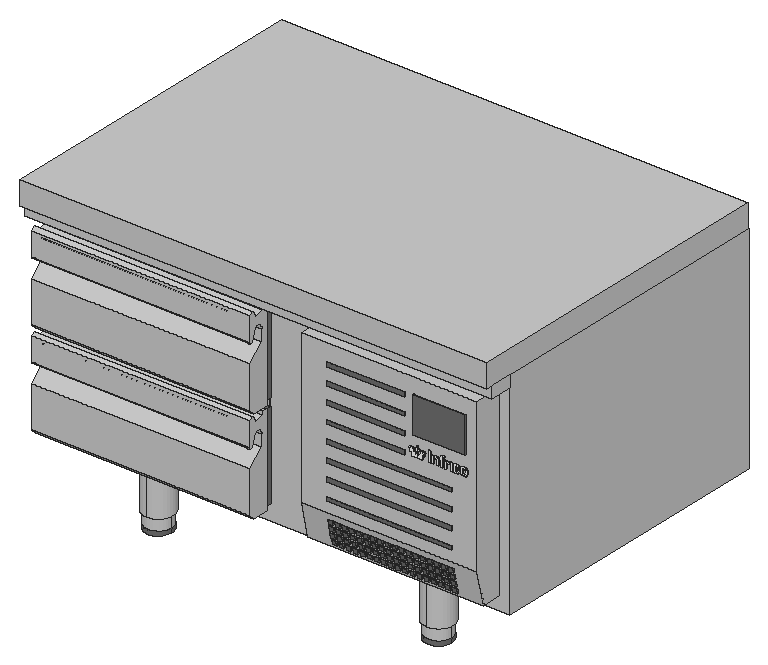
Revit family "QF_INFRICO_MSG1000_250814082708", category Specialty Equipment, Revit 2021
Family settings
  Round Connector Dimension = Use Diameter
  Part Type = Normal
  OmniClass Number = 23.40.40.14
  OmniClass Title = Food Service Equipment
  Work Plane-Based = No
  Always vertical = Yes
  Cut with Voids When Loaded = No
  Shared = No
  Room Calculation Point = No
Parameters (values of type "MSG1000-R290")
  Weight [instance] = 99.999 kg
  Waste Water Discharge Temperature [instance] = 0 °C
  Waste Remarks [instance] = ""
  Warranty Start Date [instance] = ""
  Warranty Duration [instance] = ""
  Volts [instance] = 230 V
  Volt Free Conn [instance] = no
  URL Recommended Spares List [instance] = ""
  URL Manufacturer [instance] = ""
  URL Cutsheet [instance] = ""
  URL Critical Spares List [instance] = ""
  URL = "www.infrico.com"
  Technical Documentation [instance] = ""
  Tag Number [instance] = ""
  Status [instance] = ""
  Start Up Current [instance] = 0 A
  Specification by User [instance] = ""
  Specification by Manufacturer [instance] = ""
  Sound Level [instance] = ""
  Show Logo [instance] = yes
  Show Clearances [instance] = yes
  Service Life Duration [instance] = ""
  Serial Number [instance] = ""
  Seismic Rating [instance] = ""
  SMACNA No [instance] = ""
  Revision Code [instance] = ""
  Revision [instance] = ""
  Production Year [instance] = ""
  Potential Equalisation [instance] = no
  Point Load [instance] = 0
  Plumbing Connection Type [instance] = ""
  Phase [instance] = 1
  Other Equipment Approvals [instance] = ""
  Operational Current [instance] = 0 A
  Number of Poles [instance] = 2
  No Load Power Draw [instance] = no
  NAFEM Spec ID Number [instance] = ""
  Model Warning [instance] = ""
  Model = "MSG1000"
  Min Ckt Ampacity [instance] = 0 A
  Max Overcurrent Protection [instance] = 0 A
  Masterspec [instance] = ""
  Manufacturer = "INFRICO"
  Main switch integrated [instance] = no
  Length Actual [instance] = 999.998 mm
  Item Number [instance] = ""
  Installed By [instance] = ""
  Installation Date [instance] = ""
  Indirect Waste Size [instance] = 19.05 mm
  Indirect Waste Remarks [instance] = ""
  Indirect Waste Flow [instance] = 0.0 L/s
  Indirect Waste Connection Type [instance] = ""
  Indirect Waste Connection Height [instance] = 0 mm
  Identify Quantity as Lot [instance] = no
  ID [instance] = ""
  Hygiene Approval [instance] = ""
  Height Actual [instance] = 599.948 mm
  HP power [instance] = ""
  Furnished By [instance] = ""
  Foodservice Equipment Identifier [instance] = no
  FL Amps [instance] = 0 A
  Electrical Remarks [instance] = ""
  Electric power [instance] = 190 W
  Electric Connection Type [instance] = ""
  Elec Conn RI Height [instance] = 0 mm
  Elec Conn Connection Height [instance] = 0 mm
  ETL Approved [instance] = no
  Direct Waste Water Discharge Temperature [instance] = -273.15 °C
  Direct Waste Size [instance] = 19.05 mm
  Direct Waste RI Height [instance] = 0 mm
  Direct Waste Flow [instance] = 0.0 L/s
  Direct Waste Connection Height [instance] = 0 mm
  Description = "GN1/1 COUNTER BASES REFRIGERATOR 700 SNACK SERIES - R290\r\n "
  Depth Actual [instance] = 700.024 mm
  Default Elevation = 0 mm
  Cycle [instance] = 50 Hz
  Cost = 0
  Connection to energy optimisation system [instance] = yes
  Conn Plug [instance] = ""
  Conn Conduit [instance] = no
  Centralized building control system with digital interface [instance] = ""
  CSI MasterFormat [instance] = ""
  CE Approved [instance] = no
  Barcode [instance] = 0
  Author [instance] = ""
  Asset Identifier [instance] = ""
  Apparent Power [instance] = 190 VA
  Accessory [instance] = no
Reference planes
  plane 1 "Center (Front/Back)": y = 0
  plane 2: z = 0
  plane 3 "Center (Left/Right)": x = 0
Forms (mm)
  Extrusion 1, solid, not visible
    sketch origin (300.015, -112.005, 142.007) x (1, 0, 0) y (0, 1, 0)
      loop
        line (-2, 2) -> (-2, -2) -> (2, -2) -> (2, 2) -> (-2, 2)
    from -2 to 2
  Extrusion 2, solid, not visible
    sketch origin (939.046, -60.003, 142.007) x (1, 0, 0) y (0, 1, 0)
      loop
        line (-2, 2) -> (-2, -2) -> (2, -2) -> (2, 2) -> (-2, 2)
    from -2 to 2
Dimensions and locks
  locked: nested 2 to Extrusion 1 at 2  (x2)
  locked: nested 3 to Extrusion 2 at 2  (x2)
  aligned and locked: level to plane 2
Nested families
  nested 1: "QF_INFRICO_MSG1000_2920" at (0, 0, 0), type "MSG1000-R290"
    with Weight 99.999 kg, Warranty Start Date "", Warranty Duration "", URL Cutsheet "", Technical Documentation "", Tag Number "", Status "", Specification by User "", Specification by Manufacturer "", Sound Level "", Solid Fuel Type "", Show Logo yes, Show Clearances yes, Show Clearance yes, Service Life Duration "", Serial Number "", Seismic Rating "", SMACNA No "", Revision Code "", Revision "", Production Year "", Point Load 0, Other Equipment Approvals "", NAFEM Spec ID Number "", Model Warning "", Masterspec "", Length Actual 999.998 mm, Item Number "", Installed By "", Installation Date "", Identify Quantity as Lot yes, ID "", Hygiene Approval "", Height Actual 599.948 mm, Furnished By "", Foodservice Equipment Identifier yes, ETL Approved yes, Depth Actual 700.024 mm, CSI MasterFormat "", CE Approved no, Barcode "", Author "", Asset Identifier "", Accessory no
  nested 2: "CONN_POINT_DRAIN_2D___Generic_Annotation" at (300.015, -112.005, 140.007), type "CONN_POINT_DRAIN_2D___Generic_Annotation"
    with Onboard connection annotation symbol visibility yes
  nested 3: "CONN_POINT_ELE_2D___Generic_Annotation" at (939.046, -60.003, 140.007), type "CONN_POINT_ELE_2D___Generic_Annotation"
    with Onboard connection annotation symbol visibility yes
  nested 4: "QF_INFRICO_JCAJ17MSG1-2_4818" at (25, -638, 168), type "JCAJ17SN12"
    with Weight 0.00 kg, Warranty Start Date "", Warranty Duration "", URL Cutsheet "", Technical Documentation "", Tag Number "", Status "", Specification by User "", Specification by Manufacturer "", Sound Level "", Solid Fuel Type "", Show Logo yes, Show Clearances yes, Show Clearance yes, Service Life Duration "", Serial Number "", Seismic Rating "", SMACNA No "", Revision Code "", Revision "", Production Year "", Point Load 0, Other Equipment Approvals "", NAFEM Spec ID Number "", Model Warning "", Masterspec "", Length Actual 467.106 mm, Item Number "", Installed By "", Installation Date "", Identify Quantity as Lot yes, ID "", Hygiene Approval "", Height Actual 398.018 mm, Furnished By "", Foodservice Equipment Identifier yes, ETL Approved yes, Depth Actual 59.944 mm, CSI MasterFormat "", CE Approved no, Barcode "", Author "", Asset Identifier "", Accessory yes
  nested 5: "QF_INFRICO_WORKTOP_5647" at (0, 0, 600), type "ENC12SPMS10"
    with Weight 0.00 kg, Warranty Start Date "", Warranty Duration "", URL Cutsheet "", Technical Documentation "", Tag Number "", Status "", Specification by User "", Specification by Manufacturer "", Sound Level "", Solid Fuel Type "", Show Logo yes, Show Clearances yes, Show Clearance yes, Service Life Duration "", Serial Number "", Seismic Rating "", SMACNA No "", Revision Code "", Revision "", Production Year "", Point Load 0, Other Equipment Approvals "", NAFEM Spec ID Number "", Model Warning "", Masterspec "", Length Actual 999.998 mm, Item Number "", Installed By "", Installation Date "", Identify Quantity as Lot yes, ID "", Hygiene Approval "", Height Actual 50.038 mm, Furnished By "", Foodservice Equipment Identifier yes, ETL Approved yes, Depth Actual 700.024 mm, CSI MasterFormat "", CE Approved no, Barcode "", Author "", Asset Identifier "", Accessory yes
Connectors
  piping at (300.015, -112.005, 140.007), diameter 19.05, driven by "Indirect Waste Size", driven by "Direct Waste Flow"
    settings: on Extrusion 1, index 1, connector inside diameter 609.6 mm, connector length 0 mm, flow factor 0, pipe flow 0.0 L/s, pressure drop 0.0 Pa, fitting loss kfactor 0, connector angle 0.00°, fixture units 0, engagement length 0 mm, angle of deflection 0.00°, flow configuration 1, flow direction 2, fitting loss method 0, system type 16, joint type 0, gender type 0, connector reference index -1, connector utility 0, adjustable connector no, is connector primary yes, connector description "Waste connection for MSG1000"
  electrical at (939.046, -60.003, 140.007), driven by "Apparent Power", driven by "Number of Poles", driven by "Volts"
    settings: on Extrusion 2, index 2, voltage 230 V, apparent load 0 VA, apparent load phase1 190 VA, apparent load phase2 0 VA, apparent load phase3 0 VA, power factor 1, load classification "Other", number of poles 2, system type 31, power factor state 1, is connector primary yes, connector utility no, sub classification motor no, connector description "Electrical connection for MSG1000"
Definition of nested family "QF_INFRICO_MSG1000_2920"
  Parameters (values of type "MSG1000")
    Weight [instance] = 0.00 kg
    Warranty Start Date [instance] = ""
    Warranty Duration [instance] = ""
    URL Cutsheet [instance] = ""
    URL = "www.infrico.com"
    Technical Documentation [instance] = ""
    Tag Number [instance] = ""
    Status [instance] = ""
    Specification by User [instance] = ""
    Specification by Manufacturer [instance] = ""
    Sound Level [instance] = ""
    Solid Fuel Type [instance] = ""
    Show Logo [instance] = yes
    Show Clearances [instance] = yes
    Show Clearance [instance] = yes
    Service Life Duration [instance] = ""
    Serial Number [instance] = ""
    Seismic Rating [instance] = ""
    SMACNA No [instance] = ""
    Revision Code [instance] = ""
    Revision [instance] = ""
    Production Year [instance] = ""
    Point Load [instance] = 0
    Other Equipment Approvals [instance] = ""
    NAFEM Spec ID Number [instance] = ""
    Model Warning [instance] = ""
    Model = "MSG1000"
    Masterspec [instance] = ""
    Manufacturer = "INFRICO"
    Length Actual [instance] = 0 mm
    Item Number [instance] = ""
    Installed By [instance] = ""
    Installation Date [instance] = ""
    Identify Quantity as Lot [instance] = yes
    ID [instance] = ""
    Hygiene Approval [instance] = ""
    Height Actual [instance] = 0 mm
    Furnished By [instance] = ""
    Foodservice Equipment Identifier [instance] = yes
    ETL Approved [instance] = yes
    Description = "GN1/1 COUNTER BASES REFRIGERATOR 700 SNACK SERIES - R134A"
    Depth Actual [instance] = 0 mm
    Default Elevation = 0 mm
    CSI MasterFormat [instance] = ""
    CE Approved [instance] = yes
    Barcode [instance] = ""
    Author [instance] = ""
    Asset Identifier [instance] = ""
    Assembly Code = "E1090320"
    Accessory [instance] = yes
  Types (2, lengths in mm): name | Description
    MSG1000 | "GN1/1 COUNTER BASES REFRIGERATOR 700 SNACK SERIES - R134A"
    MSG1000-R290 | "GN1/1 COUNTER BASES REFRIGERATOR 700 SNACK SERIES - R290"
  Reference planes
    plane 1 "Back": y = 0
    plane 2: z = 0
    plane 3 "Left": x = 0
    plane 4 "Right": x = 1000
    plane 5 "Front": y = -700
    plane 6 "Top": z = 600
  Forms (mm)
    Extrusion 1, void
      sketch origin (0, 0, 0) x (1, 0, 0) y (0, 0, 1)
        loop
          line (60, 200) -> (479.04, 200) -> (479.04, 540) -> (60, 540) -> (60, 200)
      from 60 to 638.02
    Extrusion 2, solid
      sketch origin (-200, 0, 140) x (1, 0, 0) y (0, 1, 0)
        loop
          circle (500, -112) r 9.525
      from -5 to 0
    Extrusion 3, solid
      sketch origin (0, 0, 140) x (1, 0, 0) y (0, 1, 0)
        loop
          line (0, 0) -> (0, -638.02) -> (1000, -638.02) -> (1000, 0) -> (0, 0)
        loop
          line (60, -578.02) -> (940, -578.02) -> (940, -60) -> (60, -60) -> (60, -578.02)
      from 0 to 460
    Extrusion 4, solid
      sketch origin (0, 0, 140) x (1, 0, 0) y (0, 0, 1)
        loop
          line (940, 60) -> (60, 60) -> (60, 0) -> (940, 0) -> (940, 60)
      from 60 to 578.02
    Extrusion 5, solid
      sketch origin (-458.953, 0, 0) x (0, 1, 0) y (0, 0, 1)
        loop
          line (-638.02, 564.738) -> (-695.03, 564.738) -> (-695.03, 238.436) -> (-678.399, 166.4) -> (-638.02, 166.4) -> (-638.02, 564.738)
      from 1057.993 to 1433.993
    Extrusion 6, solid
      sketch origin (-2489.854, -639.263, 0.251) x (1, 0, 0) y (0, -0.224951, 0.97437)
        loop
          line (3143.188, 215.974) -> (3143.188, 205.974) -> (3153.188, 205.974) -> (3153.188, 215.974) -> (3143.188, 215.974)
        loop
          line (3143.188, 230.769) -> (3143.188, 220.769) -> (3153.188, 220.769) -> (3153.188, 230.769) -> (3143.188, 230.769)
        loop
          line (3143.188, 186.385) -> (3143.188, 176.385) -> (3153.188, 176.385) -> (3153.188, 186.385) -> (3143.188, 186.385)
        loop
          line (3143.188, 201.179) -> (3143.188, 191.179) -> (3153.188, 191.179) -> (3153.188, 201.179) -> (3143.188, 201.179)
        loop
          line (3158.397, 215.974) -> (3158.397, 205.974) -> (3168.397, 205.974) -> (3168.397, 215.974) -> (3158.397, 215.974)
        loop
          line (3158.397, 230.769) -> (3158.397, 220.769) -> (3168.397, 220.769) -> (3168.397, 230.769) -> (3158.397, 230.769)
        loop
          line (3158.397, 186.385) -> (3158.397, 176.385) -> (3168.397, 176.385) -> (3168.397, 186.385) -> (3158.397, 186.385)
        loop
          line (3158.397, 201.179) -> (3158.397, 191.179) -> (3168.397, 191.179) -> (3168.397, 201.179) -> (3158.397, 201.179)
        loop
          line (3173.605, 215.974) -> (3173.605, 205.974) -> (3183.605, 205.974) -> (3183.605, 215.974) -> (3173.605, 215.974)
        loop
          line (3173.605, 230.769) -> (3173.605, 220.769) -> (3183.605, 220.769) -> (3183.605, 230.769) -> (3173.605, 230.769)
        loop
          line (3173.605, 186.385) -> (3173.605, 176.385) -> (3183.605, 176.385) -> (3183.605, 186.385) -> (3173.605, 186.385)
        loop
          line (3173.605, 201.179) -> (3173.605, 191.179) -> (3183.605, 191.179) -> (3183.605, 201.179) -> (3173.605, 201.179)
        loop
          line (3188.813, 215.974) -> (3188.813, 205.974) -> (3198.813, 205.974) -> (3198.813, 215.974) -> (3188.813, 215.974)
        loop
          line (3188.813, 230.769) -> (3188.813, 220.769) -> (3198.813, 220.769) -> (3198.813, 230.769) -> (3188.813, 230.769)
        loop
          line (3188.813, 186.385) -> (3188.813, 176.385) -> (3198.813, 176.385) -> (3198.813, 186.385) -> (3188.813, 186.385)
        loop
          line (3188.813, 201.179) -> (3188.813, 191.179) -> (3198.813, 191.179) -> (3198.813, 201.179) -> (3188.813, 201.179)
        loop
          line (3204.022, 215.974) -> (3204.022, 205.974) -> (3214.022, 205.974) -> (3214.022, 215.974) -> (3204.022, 215.974)
        loop
          line (3204.022, 230.769) -> (3204.022, 220.769) -> (3214.022, 220.769) -> (3214.022, 230.769) -> (3204.022, 230.769)
        loop
          line (3204.022, 186.385) -> (3204.022, 176.385) -> (3214.022, 176.385) -> (3214.022, 186.385) -> (3204.022, 186.385)
        loop
          line (3204.022, 201.179) -> (3204.022, 191.179) -> (3214.022, 191.179) -> (3214.022, 201.179) -> (3204.022, 201.179)
        loop
          line (3219.23, 215.974) -> (3219.23, 205.974) -> (3229.23, 205.974) -> (3229.23, 215.974) -> (3219.23, 215.974)
        loop
          line (3219.23, 230.769) -> (3219.23, 220.769) -> (3229.23, 220.769) -> (3229.23, 230.769) -> (3219.23, 230.769)
        loop
          line (3219.23, 186.385) -> (3219.23, 176.385) -> (3229.23, 176.385) -> (3229.23, 186.385) -> (3219.23, 186.385)
        loop
          line (3219.23, 201.179) -> (3219.23, 191.179) -> (3229.23, 191.179) -> (3229.23, 201.179) -> (3219.23, 201.179)
        loop
          line (3234.438, 215.974) -> (3234.438, 205.974) -> (3244.438, 205.974) -> (3244.438, 215.974) -> (3234.438, 215.974)
        loop
          line (3234.438, 230.769) -> (3234.438, 220.769) -> (3244.438, 220.769) -> (3244.438, 230.769) -> (3234.438, 230.769)
        loop
          line (3234.438, 186.385) -> (3234.438, 176.385) -> (3244.438, 176.385) -> (3244.438, 186.385) -> (3234.438, 186.385)
        loop
          line (3234.438, 201.179) -> (3234.438, 191.179) -> (3244.438, 191.179) -> (3244.438, 201.179) -> (3234.438, 201.179)
        loop
          line (3249.647, 215.974) -> (3249.647, 205.974) -> (3259.647, 205.974) -> (3259.647, 215.974) -> (3249.647, 215.974)
        loop
          line (3249.647, 230.769) -> (3249.647, 220.769) -> (3259.647, 220.769) -> (3259.647, 230.769) -> (3249.647, 230.769)
        loop
          line (3249.647, 186.385) -> (3249.647, 176.385) -> (3259.647, 176.385) -> (3259.647, 186.385) -> (3249.647, 186.385)
        loop
          line (3249.647, 201.179) -> (3249.647, 191.179) -> (3259.647, 191.179) -> (3259.647, 201.179) -> (3249.647, 201.179)
        loop
          line (3264.855, 215.974) -> (3264.855, 205.974) -> (3274.855, 205.974) -> (3274.855, 215.974) -> (3264.855, 215.974)
        loop
          line (3264.855, 230.769) -> (3264.855, 220.769) -> (3274.855, 220.769) -> (3274.855, 230.769) -> (3264.855, 230.769)
        loop
          line (3264.855, 186.385) -> (3264.855, 176.385) -> (3274.855, 176.385) -> (3274.855, 186.385) -> (3264.855, 186.385)
        loop
          line (3264.855, 201.179) -> (3264.855, 191.179) -> (3274.855, 191.179) -> (3274.855, 201.179) -> (3264.855, 201.179)
        loop
          line (3280.063, 215.974) -> (3280.063, 205.974) -> (3290.063, 205.974) -> (3290.063, 215.974) -> (3280.063, 215.974)
        loop
          line (3280.063, 230.769) -> (3280.063, 220.769) -> (3290.063, 220.769) -> (3290.063, 230.769) -> (3280.063, 230.769)
        loop
          line (3280.063, 186.385) -> (3280.063, 176.385) -> (3290.063, 176.385) -> (3290.063, 186.385) -> (3280.063, 186.385)
        loop
          line (3280.063, 201.179) -> (3280.063, 191.179) -> (3290.063, 191.179) -> (3290.063, 201.179) -> (3280.063, 201.179)
        loop
          line (3295.272, 215.974) -> (3295.272, 205.974) -> (3305.272, 205.974) -> (3305.272, 215.974) -> (3295.272, 215.974)
        loop
          line (3295.272, 230.769) -> (3295.272, 220.769) -> (3305.272, 220.769) -> (3305.272, 230.769) -> (3295.272, 230.769)
        loop
          line (3295.272, 186.385) -> (3295.272, 176.385) -> (3305.272, 176.385) -> (3305.272, 186.385) -> (3295.272, 186.385)
        loop
          line (3295.272, 201.179) -> (3295.272, 191.179) -> (3305.272, 191.179) -> (3305.272, 201.179) -> (3295.272, 201.179)
        loop
          line (3310.48, 215.974) -> (3310.48, 205.974) -> (3320.48, 205.974) -> (3320.48, 215.974) -> (3310.48, 215.974)
        loop
          line (3310.48, 230.769) -> (3310.48, 220.769) -> (3320.48, 220.769) -> (3320.48, 230.769) -> (3310.48, 230.769)
        loop
          line (3310.48, 186.385) -> (3310.48, 176.385) -> (3320.48, 176.385) -> (3320.48, 186.385) -> (3310.48, 186.385)
        loop
          line (3310.48, 201.179) -> (3310.48, 191.179) -> (3320.48, 191.179) -> (3320.48, 201.179) -> (3310.48, 201.179)
        loop
          line (3325.688, 215.974) -> (3325.688, 205.974) -> (3335.688, 205.974) -> (3335.688, 215.974) -> (3325.688, 215.974)
        loop
          line (3325.688, 230.769) -> (3325.688, 220.769) -> (3335.688, 220.769) -> (3335.688, 230.769) -> (3325.688, 230.769)
        loop
          line (3325.688, 186.385) -> (3325.688, 176.385) -> (3335.688, 176.385) -> (3335.688, 186.385) -> (3325.688, 186.385)
        loop
          line (3325.688, 201.179) -> (3325.688, 191.179) -> (3335.688, 191.179) -> (3335.688, 201.179) -> (3325.688, 201.179)
        loop
          line (3340.897, 215.974) -> (3340.897, 205.974) -> (3350.897, 205.974) -> (3350.897, 215.974) -> (3340.897, 215.974)
        loop
          line (3340.897, 230.769) -> (3340.897, 220.769) -> (3350.897, 220.769) -> (3350.897, 230.769) -> (3340.897, 230.769)
        loop
          line (3340.897, 186.385) -> (3340.897, 176.385) -> (3350.897, 176.385) -> (3350.897, 186.385) -> (3340.897, 186.385)
        loop
          line (3340.897, 201.179) -> (3340.897, 191.179) -> (3350.897, 191.179) -> (3350.897, 201.179) -> (3340.897, 201.179)
        loop
          line (3356.105, 215.974) -> (3356.105, 205.974) -> (3366.105, 205.974) -> (3366.105, 215.974) -> (3356.105, 215.974)
        loop
          line (3356.105, 230.769) -> (3356.105, 220.769) -> (3366.105, 220.769) -> (3366.105, 230.769) -> (3356.105, 230.769)
        loop
          line (3356.105, 186.385) -> (3356.105, 176.385) -> (3366.105, 176.385) -> (3366.105, 186.385) -> (3356.105, 186.385)
        loop
          line (3356.105, 201.179) -> (3356.105, 191.179) -> (3366.105, 191.179) -> (3366.105, 201.179) -> (3356.105, 201.179)
        loop
          line (3371.313, 215.974) -> (3371.313, 205.974) -> (3381.313, 205.974) -> (3381.313, 215.974) -> (3371.313, 215.974)
        loop
          line (3371.313, 230.769) -> (3371.313, 220.769) -> (3381.313, 220.769) -> (3381.313, 230.769) -> (3371.313, 230.769)
        loop
          line (3371.313, 186.385) -> (3371.313, 176.385) -> (3381.313, 176.385) -> (3381.313, 186.385) -> (3371.313, 186.385)
        loop
          line (3371.313, 201.179) -> (3371.313, 191.179) -> (3381.313, 191.179) -> (3381.313, 201.179) -> (3371.313, 201.179)
        loop
          line (3386.522, 215.974) -> (3386.522, 205.974) -> (3396.522, 205.974) -> (3396.522, 215.974) -> (3386.522, 215.974)
        loop
          line (3386.522, 230.769) -> (3386.522, 220.769) -> (3396.522, 220.769) -> (3396.522, 230.769) -> (3386.522, 230.769)
        loop
          line (3386.522, 186.385) -> (3386.522, 176.385) -> (3396.522, 176.385) -> (3396.522, 186.385) -> (3386.522, 186.385)
        loop
          line (3386.522, 201.179) -> (3386.522, 191.179) -> (3396.522, 191.179) -> (3396.522, 201.179) -> (3386.522, 201.179)
        loop
          line (3401.73, 215.974) -> (3401.73, 205.974) -> (3411.73, 205.974) -> (3411.73, 215.974) -> (3401.73, 215.974)
        loop
          line (3401.73, 230.769) -> (3401.73, 220.769) -> (3411.73, 220.769) -> (3411.73, 230.769) -> (3401.73, 230.769)
        loop
          line (3401.73, 186.385) -> (3401.73, 176.385) -> (3411.73, 176.385) -> (3411.73, 186.385) -> (3401.73, 186.385)
        loop
          line (3401.73, 201.179) -> (3401.73, 191.179) -> (3411.73, 191.179) -> (3411.73, 201.179) -> (3401.73, 201.179)
      from 0 to 2
    Extrusion 7, solid, visible <- "Show Logo"
      sketch origin (-333.408, -693.13, -284.294) x (1, 0, 0) y (0, 0, 1)
        loop
          line (1208.799, 696.53) -> (1208.799, 719.204) -> (1204.173, 719.204) -> (1204.173, 696.53) -> (1208.799, 696.53)
        loop
          line (1214.779, 713.006) -> (1211.283, 713.006) -> (1211.283, 696.53) -> (1215.772, 696.53) -> (1215.772, 707.832)
          arc (1215.772, 707.832) -> (1217.528, 708.741) -> (1219.417, 709.324) r 11.052
          arc (1219.417, 709.324) -> (1220.929, 708.961) -> (1221.598, 707.557) r 1.806
          line (1221.598, 707.557) -> (1221.598, 696.53) -> (1226.121, 696.53) -> (1226.121, 708.689)
          arc (1226.121, 708.689) -> (1224.637, 712.075) -> (1221.141, 713.281) r 4.607
          arc (1221.141, 713.281) -> (1218.282, 712.674) -> (1215.669, 711.361) r 11.435
          line (1215.669, 711.361) -> (1215.601, 712.184)
          arc (1215.601, 712.184) -> (1215.36, 712.765) -> (1214.779, 713.006) r 0.822
        loop
          line (1238.557, 720.102) -> (1237.306, 720.102)
          arc (1237.306, 720.102) -> (1235.052, 719.926) -> (1232.881, 719.297) r 11.103
          arc (1232.881, 719.297) -> (1230.805, 717.616) -> (1230.024, 715.062) r 4.567
          line (1230.024, 715.062) -> (1230.024, 712.909) -> (1227.351, 712.703) -> (1227.351, 709.374) -> (1230.024, 709.374) -> (1230.024, 696.53) -> (1234.547, 696.53) -> (1234.547, 709.374) -> (1238.249, 709.374) -> (1238.249, 712.938) -> (1234.547, 712.938) -> (1234.547, 714.548)
          arc (1234.547, 714.548) -> (1234.956, 715.705) -> (1236.045, 716.271) r 1.67
          line (1236.045, 716.271) -> (1237.7, 716.399)
          arc (1237.7, 716.399) -> (1238.306, 716.65) -> (1238.557, 717.255) r 0.857
          line (1238.557, 717.255) -> (1238.557, 720.102)
        loop
          line (1239.479, 713.006) -> (1239.479, 696.53) -> (1243.968, 696.53) -> (1243.968, 707.352)
          arc (1243.968, 707.352) -> (1245.873, 708.631) -> (1248.077, 709.268) r 7.435
          line (1248.077, 709.268) -> (1249.241, 709.416)
          arc (1249.241, 709.416) -> (1249.643, 709.758) -> (1249.793, 710.265) r 0.928
          line (1249.793, 710.265) -> (1249.793, 712.458)
          arc (1249.793, 712.458) -> (1249.531, 713.061) -> (1248.912, 713.28) r 0.824
          arc (1248.912, 713.28) -> (1246.197, 712.588) -> (1243.899, 710.984) r 7.833
          line (1243.899, 710.984) -> (1243.726, 713.006) -> (1239.479, 713.006)
        loop
          line (1255.495, 696.53) -> (1255.495, 713.006) -> (1251.006, 713.006) -> (1251.006, 696.53) -> (1255.495, 696.53)
        loop
          arc (1257.421, 701.327) -> (1258.567, 698.188) -> (1261.466, 696.525) r 4.873
          arc (1261.466, 696.525) -> (1264.493, 696.266) -> (1267.521, 696.525) r 17.816
          arc (1267.521, 696.525) -> (1270.575, 699.134) -> (1271.505, 703.041) r 6.481
          line (1271.505, 703.041) -> (1267.187, 703.041) -> (1267.187, 701.67)
          arc (1267.187, 701.67) -> (1266.64, 700.452) -> (1265.442, 699.865) r 1.965
          arc (1265.442, 699.865) -> (1264.547, 699.816) -> (1263.653, 699.865) r 8.196
          arc (1263.653, 699.865) -> (1262.417, 700.415) -> (1261.91, 701.67) r 1.806
          line (1261.91, 701.67) -> (1261.91, 707.9)
          arc (1261.91, 707.9) -> (1262.417, 709.155) -> (1263.653, 709.705) r 1.806
          arc (1263.653, 709.705) -> (1264.547, 709.754) -> (1265.442, 709.705) r 8.196
          arc (1265.442, 709.705) -> (1266.64, 709.118) -> (1267.187, 707.9) r 1.965
          line (1267.187, 707.9) -> (1267.187, 706.838) -> (1271.505, 706.838)
          arc (1271.505, 706.838) -> (1270.524, 710.556) -> (1267.521, 712.959) r 6.132
          arc (1267.521, 712.959) -> (1264.493, 713.294) -> (1261.466, 712.959) r 13.851
          arc (1261.466, 712.959) -> (1258.571, 711.349) -> (1257.421, 708.243) r 4.772
          line (1257.421, 708.243) -> (1257.421, 701.327)
        loop
          arc (1272.916, 701.329) -> (1273.993, 698.345) -> (1276.726, 696.734) r 4.676
          arc (1276.726, 696.734) -> (1278.515, 696.455) -> (1280.318, 696.291) r 28.371
          arc (1280.318, 696.291) -> (1282.122, 696.455) -> (1283.911, 696.734) r 28.371
          arc (1283.911, 696.734) -> (1286.644, 698.345) -> (1287.72, 701.329) r 4.676
          line (1287.72, 701.329) -> (1287.72, 708.242)
          arc (1287.72, 708.242) -> (1286.644, 711.226) -> (1283.911, 712.837) r 4.676
          arc (1283.911, 712.837) -> (1282.122, 713.116) -> (1280.318, 713.28) r 28.371
          arc (1280.318, 713.28) -> (1278.515, 713.116) -> (1276.726, 712.837) r 28.371
          arc (1276.726, 712.837) -> (1273.993, 711.226) -> (1272.916, 708.242) r 4.676
          line (1272.916, 708.242) -> (1272.916, 701.329)
        loop
          line (1277.405, 707.866) -> (1277.405, 701.705)
          arc (1277.405, 701.705) -> (1277.844, 700.556) -> (1278.936, 699.991) r 1.725
          arc (1278.936, 699.991) -> (1279.627, 699.918) -> (1280.318, 699.856) r 46.133
          arc (1280.318, 699.856) -> (1281.01, 699.918) -> (1281.701, 699.991) r 46.133
          arc (1281.701, 699.991) -> (1282.793, 700.556) -> (1283.231, 701.705) r 1.725
          line (1283.231, 701.705) -> (1283.231, 707.866)
          arc (1283.231, 707.866) -> (1282.793, 709.015) -> (1281.701, 709.58) r 1.725
          arc (1281.701, 709.58) -> (1281.01, 709.653) -> (1280.318, 709.716) r 46.133
          arc (1280.318, 709.716) -> (1279.627, 709.653) -> (1278.936, 709.58) r 46.133
          arc (1278.936, 709.58) -> (1277.844, 709.015) -> (1277.405, 707.866) r 1.725
        loop
          arc (1190.339, 696.543) -> (1191.411, 696.987) -> (1191.856, 698.059) r 1.516
          line (1191.856, 698.059) -> (1191.856, 703.891) -> (1196.035, 703.891)
          arc (1196.035, 703.891) -> (1196.79, 704.121) -> (1197.218, 704.782) r 1.147
          line (1197.218, 704.782) -> (1197.218, 706.211)
          arc (1197.218, 706.211) -> (1196.787, 707.258) -> (1195.719, 707.634) r 1.385
          line (1195.719, 707.634) -> (1194.52, 707.634) -> (1197.218, 710.332)
          arc (1197.218, 710.332) -> (1197.605, 711.266) -> (1197.218, 712.2) r 1.321
          line (1197.218, 712.2) -> (1196.495, 712.923)
          arc (1196.495, 712.923) -> (1195.54, 713.338) -> (1194.558, 712.991) r 1.422
          line (1194.558, 712.991) -> (1191.853, 710.286) -> (1191.853, 711.479)
          arc (1191.853, 711.479) -> (1191.443, 712.516) -> (1190.435, 712.992) r 1.516
          line (1190.435, 712.992) -> (1189.514, 712.992)
          arc (1189.514, 712.992) -> (1188.511, 712.514) -> (1188.103, 711.479) r 1.516
          line (1188.103, 711.479) -> (1188.103, 706.83) -> (1182.073, 701.336) -> (1182.073, 707.509) -> (1185.639, 711.075)
          arc (1185.639, 711.075) -> (1186.053, 712.073) -> (1185.639, 713.071) r 1.412
          line (1185.639, 713.071) -> (1184.987, 713.723)
          arc (1184.987, 713.723) -> (1183.939, 714.141) -> (1182.915, 713.667) r 1.428
          line (1182.915, 713.667) -> (1182.073, 712.825) -> (1182.073, 717.784)
          arc (1182.073, 717.784) -> (1181.658, 718.787) -> (1180.655, 719.203) r 1.418
          line (1180.655, 719.203) -> (1179.726, 719.203)
          arc (1179.726, 719.203) -> (1178.723, 718.787) -> (1178.308, 717.784) r 1.418
          line (1178.308, 717.784) -> (1178.308, 712.825) -> (1177.466, 713.667)
          arc (1177.466, 713.667) -> (1176.442, 714.141) -> (1175.394, 713.723) r 1.428
          line (1175.394, 713.723) -> (1174.742, 713.071)
          arc (1174.742, 713.071) -> (1174.328, 712.073) -> (1174.742, 711.075) r 1.412
          line (1174.742, 711.075) -> (1178.308, 707.509) -> (1178.308, 701.336) -> (1172.278, 706.83) -> (1172.278, 711.479)
          arc (1172.278, 711.479) -> (1171.87, 712.514) -> (1170.867, 712.992) r 1.516
          line (1170.867, 712.992) -> (1169.946, 712.992)
          arc (1169.946, 712.992) -> (1168.938, 712.516) -> (1168.528, 711.479) r 1.516
          line (1168.528, 711.479) -> (1168.528, 710.286) -> (1165.823, 712.991)
          arc (1165.823, 712.991) -> (1164.841, 713.338) -> (1163.886, 712.923) r 1.422
          line (1163.886, 712.923) -> (1163.163, 712.2)
          arc (1163.163, 712.2) -> (1162.776, 711.266) -> (1163.163, 710.332) r 1.321
          line (1163.163, 710.332) -> (1165.861, 707.634) -> (1164.662, 707.634)
          arc (1164.662, 707.634) -> (1163.594, 707.258) -> (1163.163, 706.211) r 1.385
          line (1163.163, 706.211) -> (1163.163, 704.782)
          arc (1163.163, 704.782) -> (1163.591, 704.121) -> (1164.346, 703.891) r 1.147
          line (1164.346, 703.891) -> (1168.525, 703.891) -> (1168.525, 698.059)
          arc (1168.525, 698.059) -> (1168.969, 696.987) -> (1170.042, 696.543) r 1.516
          line (1170.042, 696.543) -> (1190.339, 696.543)
      from 0 to 2
    Extrusion 8, solid
      sketch origin (-329.712, 0, -122.7) x (1, 0, 0) y (0, 0, 1)
        loop
          line (1169.616, 654.3) -> (1169.616, 577.9) -> (1281.216, 577.9) -> (1281.216, 654.3) -> (1169.616, 654.3)
      from 695.03 to 698.23
    Extrusion 9, solid
      sketch origin (200, 112, 140) x (1, 0, 0) y (0, 1, 0)
        loop
          circle (739, -172) r 12.7
      from -5 to 0
    Extrusion 10, solid
      sketch origin (0, 0, 140) x (0, 1, 0) y (0, 0, 1)
        loop
          line (-638.02, 460) -> (-688.02, 460) -> (-688.02, 435) -> (-638.02, 435) -> (-638.02, 460)
      from 0 to 1000
    Extrusion 11, solid
      sketch origin (0.014, 0, 140) x (0, 1, 0) y (-1, 0, 0)
        loop
          line (-530, -154.986) -> (-630, -154.986) -> (-630, -244.986) -> (-530, -244.986) -> (-530, -154.986)
      from 0 to -3
    Extrusion 12, solid
      sketch origin (0.014, 0, 0) x (1, 0, 0) y (0, 1, 0)
        loop
          circle (199.986, -580) r 28
      from 9 to 35
    Extrusion 13, solid
      sketch origin (0.014, 0, 0) x (1, 0, 0) y (0, 1, 0)
        loop
          circle (199.986, -580) r 28.5
      from 0 to 9
    Sweep 14, solid
      path origin (0.014, 0, 0) x (0, 1, 0) y (0, 0, 1)
        loop
          line (-580, 35) -> (-580, 137)
      profile origin (0.014, -580, 86) x (0, -1, 0) y (1, 0, 0)
        loop
          circle (0, 199.986) r 32
    Extrusion 15, solid
      sketch origin (0.014, 500, 140) x (0, 1, 0) y (-1, 0, 0)
        loop
          line (-530, -154.986) -> (-630, -154.986) -> (-630, -244.986) -> (-530, -244.986) -> (-530, -154.986)
      from 0 to -3
    Extrusion 16, solid
      sketch origin (0.014, 500, 0) x (1, 0, 0) y (0, 1, 0)
        loop
          circle (199.986, -580) r 28
      from 9 to 35
    Extrusion 17, solid
      sketch origin (0.014, 500, 0) x (1, 0, 0) y (0, 1, 0)
        loop
          circle (199.986, -580) r 28.5
      from 0 to 9
    Sweep 18, solid
      path origin (0.014, 500, 0) x (0, 1, 0) y (0, 0, 1)
        loop
          line (-580, 35) -> (-580, 137)
      profile origin (0.014, -80, 86) x (0, -1, 0) y (1, 0, 0)
        loop
          circle (0, 199.986) r 32
    Extrusion 19, solid
      sketch origin (560.014, 0, 140) x (0, 1, 0) y (-1, 0, 0)
        loop
          line (-530, -194.986) -> (-630, -194.986) -> (-630, -284.986) -> (-530, -284.986) -> (-530, -194.986)
      from 0 to -3
    Extrusion 20, solid
      sketch origin (560.014, 0, 0) x (1, 0, 0) y (0, 1, 0)
        loop
          circle (239.986, -580) r 28
      from 9 to 35
    Extrusion 21, solid
      sketch origin (560.014, 0, 0) x (1, 0, 0) y (0, 1, 0)
        loop
          circle (239.986, -580) r 28.5
      from 0 to 9
    Sweep 22, solid
      path origin (1000.014, 0, 0) x (0, -1, 0) y (0, 0, 1)
        loop
          line (580, 35) -> (580, 137)
      profile origin (1000.014, -580, 86) x (0, 1, 0) y (-1, 0, 0)
        loop
          circle (0, 199.986) r 32
    Extrusion 23, solid
      sketch origin (560.014, 500, 140) x (0, 1, 0) y (-1, 0, 0)
        loop
          line (-530, -194.986) -> (-630, -194.986) -> (-630, -284.986) -> (-530, -284.986) -> (-530, -194.986)
      from 0 to -3
    Extrusion 24, solid
      sketch origin (560.014, 500, 0) x (1, 0, 0) y (0, 1, 0)
        loop
          circle (239.986, -580) r 28
      from 9 to 35
    Extrusion 25, solid
      sketch origin (560.014, 500, 0) x (1, 0, 0) y (0, 1, 0)
        loop
          circle (239.986, -580) r 28.5
      from 0 to 9
    Sweep 26, solid
      path origin (1000.014, 0, 0) x (0, -1, 0) y (0, 0, 1)
        loop
          line (80, 35) -> (80, 137)
      profile origin (1000.014, -80, 86) x (0, 1, 0) y (-1, 0, 0)
        loop
          circle (0, 199.986) r 32
    Extrusion 27, solid
      sketch origin (-2458.953, -693.13, 0) x (1, 0, 0) y (0, 0, 1)
        loop
          line (3379.657, 269.602) -> (3112.657, 269.602) -> (3112.657, 260.602) -> (3379.657, 260.602) -> (3379.657, 269.602)
        loop
          line (3379.657, 306.602) -> (3112.657, 306.602) -> (3112.657, 297.602) -> (3379.657, 297.602) -> (3379.657, 306.602)
        loop
          line (3379.657, 343.602) -> (3112.657, 343.602) -> (3112.657, 334.602) -> (3379.657, 334.602) -> (3379.657, 343.602)
        loop
          line (3379.657, 380.602) -> (3112.657, 380.602) -> (3112.657, 371.602) -> (3379.657, 371.602) -> (3379.657, 380.602)
        loop
          line (3279.657, 417.602) -> (3112.657, 417.602) -> (3112.657, 408.602) -> (3279.657, 408.602) -> (3279.657, 417.602)
        loop
          line (3279.657, 454.602) -> (3112.657, 454.602) -> (3112.657, 445.602) -> (3279.657, 445.602) -> (3279.657, 454.602)
        loop
          line (3279.657, 491.602) -> (3112.657, 491.602) -> (3112.657, 482.602) -> (3279.657, 482.602) -> (3279.657, 491.602)
        loop
          line (3279.657, 528.602) -> (3112.657, 528.602) -> (3112.657, 519.602) -> (3279.657, 519.602) -> (3279.657, 528.602)
      from 0 to 2
    Extrusion 28, solid
      sketch origin (532, 0, -131.5) x (0, 0, 1) y (0, 1, 0)
        loop
          line (454, -638.02) -> (549, -638.02) -> (549, -628.02) -> (454, -628.02) -> (454, -638.02)
      from 47.96 to 472
  Cuts and joins
    Extrusion 1 cuts Extrusion 3
    joined: Extrusion 3, Extrusion 4
  Lines and regions (mm)
    symbolic lines
      curve 1: line (0, -700, 0) -> (1000, -700, 0)
      curve 2: line (0, 0, 0) -> (0, -700, 0)
      curve 3: line (1000, 0, 0) -> (0, 0, 0)
      curve 4: line (1000, -700, 0) -> (1000, 0, 0)
  Dimensions and locks
    plane 4 "Right" to plane 3 "Left" = 1000 mm
    plane 6 "Top" to level = 600 mm
    plane 1 "Back" to plane 5 "Front" = 700 mm
    plane 3 "Left" to plane 4 "Right" = 1000 mm
    aligned and locked: level to plane 2
  Connectors
    piping at (300, -112, 135), diameter 19.1
      settings: on Extrusion 2, index 1, connector inside diameter 609.6 mm, connector length 0 mm, flow factor 0, pipe flow 0.0 L/s, pressure drop 0.0 Pa, fitting loss kfactor 0, connector angle 0.00°, fixture units 0, engagement length 0 mm, angle of deflection 0.00°, flow configuration 0, flow direction 2, fitting loss method 0, system type 16, joint type 0, gender type 0, connector reference index -1, connector utility 0, adjustable connector no, is connector primary yes, connector description "Drain connection"
    electrical at (939, -60, 135)
      settings: on Extrusion 9, index 2, voltage 0 V, apparent load 0 VA, apparent load phase1 0 VA, apparent load phase2 0 VA, apparent load phase3 0 VA, power factor 1, load classification none, number of poles 1, system type 31, power factor state 1, is connector primary yes, connector utility no, sub classification motor no, connector description "Electrical connection"
Definition of nested family "QF_INFRICO_JCAJ17MSG1-2_4818"
  Parameters (values of type "JCAJ17SN12")
    Weight [instance] = 0.00 kg
    Warranty Start Date [instance] = ""
    Warranty Duration [instance] = ""
    URL Cutsheet [instance] = ""
    URL = "www.infrico.com"
    Technical Documentation [instance] = ""
    Tag Number [instance] = ""
    Status [instance] = ""
    Specification by User [instance] = ""
    Specification by Manufacturer [instance] = ""
    Sound Level [instance] = ""
    Solid Fuel Type [instance] = ""
    Show Logo [instance] = yes
    Show Clearances [instance] = yes
    Show Clearance [instance] = yes
    Service Life Duration [instance] = ""
    Serial Number [instance] = ""
    Seismic Rating [instance] = ""
    SMACNA No [instance] = ""
    Revision Code [instance] = ""
    Revision [instance] = ""
    Production Year [instance] = ""
    Point Load [instance] = 0
    Other Equipment Approvals [instance] = ""
    NAFEM Spec ID Number [instance] = ""
    Model Warning [instance] = ""
    Model = "JCAJ17SN12"
    Masterspec [instance] = ""
    Manufacturer = "INFRICO"
    Length Actual [instance] = 0 mm
    Item Number [instance] = ""
    Installed By [instance] = ""
    Installation Date [instance] = ""
    Identify Quantity as Lot [instance] = yes
    ID [instance] = ""
    Hygiene Approval [instance] = ""
    Height Actual [instance] = 0 mm
    Furnished By [instance] = ""
    Foodservice Equipment Identifier [instance] = yes
    ETL Approved [instance] = yes
    Description = "DRAWERS 1/2"
    Depth Actual [instance] = 0 mm
    Default Elevation = 0 mm
    CSI MasterFormat [instance] = ""
    CE Approved [instance] = yes
    Barcode [instance] = ""
    Author [instance] = ""
    Asset Identifier [instance] = ""
    Assembly Code = "E1090320"
    Accessory [instance] = yes
  Reference planes
    plane 1 "Back": y = 0
    plane 2: z = 0
    plane 3 "Left": x = 0
    plane 4 "Right": x = 467
    plane 5 "Front": y = -487.01
    plane 6 "Top": z = 398.04
  Forms (mm)
    Extrusion 1, solid, visible <- "Show Clearance", detail levels coarse
      sketch origin (0, -23.01, -522.52) x (0, 1, 0) y (0, 0, 1)
        loop
          line (-38.2, 522.52) -> (-38.2, 718.567) -> (-464, 718.567) -> (-464, 522.52) -> (-38.2, 522.52)
      from 0 to 467
    Extrusion 2, solid
      sketch origin (0, 142.338, -423.681) x (0, 1, 0) y (0, 0, 1)
        loop
          line (-159.338, 423.681) -> (-159.338, 619.729) -> (-170.338, 619.729) -> (-170.338, 612.415) -> (-188.747, 607.482) -> (-195.817, 619.729) -> (-203.548, 615.265) -> (-203.548, 563.266)
          arc (-203.548, 563.266) -> (-202.267, 561.699) -> (-200.476, 562.641) r 1.6
          line (-200.476, 562.641) -> (-190.041, 587.224)
          arc (-190.041, 587.224) -> (-189.333, 588.09) -> (-188.27, 588.441) r 2
          line (-188.27, 588.441) -> (-178.392, 588.786)
          arc (-178.392, 588.786) -> (-177.14, 588.4) -> (-176.395, 587.322) r 2
          line (-176.395, 587.322) -> (-173.478, 576.804) -> (-173.478, 553.051) -> (-203.548, 522.981) -> (-203.548, 433.681) -> (-193.548, 423.681) -> (-159.338, 423.681)
      from 0 to 467
    Extrusion 3, solid
      sketch origin (547, 0, -15) x (-1, 0, 0) y (0, 0, -1)
        loop
          line (542, -206.047) -> (542, -20) -> (85, -20) -> (85, -206.047) -> (542, -206.047)
        loop
          line (115, -176.047) -> (512, -176.047) -> (512, -50) -> (115, -50) -> (115, -176.047)
      from 0 to 17
    Extrusion 4, solid
      sketch origin (0, 142.338, -221.634) x (0, 1, 0) y (0, 0, 1)
        loop
          line (-159.338, 423.681) -> (-159.338, 619.729) -> (-170.338, 619.729) -> (-170.338, 612.415) -> (-188.747, 607.482) -> (-195.786, 619.674) -> (-203.548, 615.192) -> (-203.548, 563.266)
          arc (-203.548, 563.266) -> (-202.267, 561.699) -> (-200.476, 562.641) r 1.6
          line (-200.476, 562.641) -> (-190.041, 587.224)
          arc (-190.041, 587.224) -> (-189.333, 588.09) -> (-188.27, 588.441) r 2
          line (-188.27, 588.441) -> (-178.392, 588.786)
          arc (-178.392, 588.786) -> (-177.14, 588.4) -> (-176.395, 587.322) r 2
          line (-176.395, 587.322) -> (-173.478, 576.804) -> (-173.478, 553.051) -> (-203.548, 522.981) -> (-203.548, 433.681) -> (-193.548, 423.681) -> (-159.338, 423.681)
      from 0 to 467
    Extrusion 5, solid, visible <- "Show Clearance", detail levels coarse
      sketch origin (0, -23.01, -320.473) x (0, 1, 0) y (0, 0, 1)
        loop
          line (-38.2, 522.52) -> (-38.2, 718.567) -> (-464, 718.567) -> (-464, 522.52) -> (-38.2, 522.52)
      from 0 to 467
    Extrusion 6, solid
      sketch origin (547, 0, 187.047) x (-1, 0, 0) y (0, 0, -1)
        loop
          line (542, -206.047) -> (542, -20) -> (85, -20) -> (85, -206.047) -> (542, -206.047)
        loop
          line (115, -176.047) -> (512, -176.047) -> (512, -50) -> (115, -50) -> (115, -176.047)
      from 0 to 17
  Lines and regions (mm)
    symbolic lines, visible <- "Show Clearance"
      curve 1: line (0, -447.01, 0) -> (467, -447.01, 0)
      curve 2: line (0, -447.01, 0) -> (0, -487.01, 0)
      curve 3: line (0, -487.01, 0) -> (467, -487.01, 0)
      curve 4: line (467, -447.01, 0) -> (467, -487.01, 0)
      curve 5: line (30, -62, 0) -> (30, -234.5, 0)
      curve 6: line (437, -234.5, 0) -> (437, -62, 0)
      curve 7: line (0, -234.5, 0) -> (467, -234.5, 0)
      curve 8: line (0, -234.5, 0) -> (0, -274.5, 0)
      curve 9: line (0, -274.5, 0) -> (467, -274.5, 0)
      curve 10: line (467, -234.5, 0) -> (467, -274.5, 0)
      curve 11: line (437, -274.5, 0) -> (437, -447.01, 0)
      curve 12: line (30, -274.5, 0) -> (30, -447.01, 0)
  Dimensions and locks
    plane 6 "Top" to level = 398.04 mm  (x2)
    plane 1 "Back" to plane 5 "Front" = 487.01 mm  (x2)
    plane 4 "Right" to plane 3 "Left" = 467 mm
    aligned and locked: level to plane 2
Definition of nested family "QF_INFRICO_WORKTOP_5647"
  Parameters (values of type "WRKT20_30")
    Weight [instance] = 0.00 kg
    Warranty Start Date [instance] = ""
    Warranty Duration [instance] = ""
    URL Cutsheet [instance] = ""
    URL = "www.infrico.com"
    Technical Documentation [instance] = ""
    Tag Number [instance] = ""
    Status [instance] = ""
    Specification by User [instance] = ""
    Specification by Manufacturer [instance] = ""
    Sound Level [instance] = ""
    Solid Fuel Type [instance] = ""
    Show Logo [instance] = yes
    Show Clearances [instance] = yes
    Show Clearance [instance] = yes
    Service Life Duration [instance] = ""
    Serial Number [instance] = ""
    Seismic Rating [instance] = ""
    SMACNA No [instance] = ""
    Revision Code [instance] = ""
    Revision [instance] = ""
    Production Year [instance] = ""
    Point Load [instance] = 0
    Other Equipment Approvals [instance] = ""
    NAFEM Spec ID Number [instance] = ""
    Model Warning [instance] = ""
    Model = "WRKT20_30"
    Masterspec [instance] = ""
    Manufacturer = "INFRICO"
    Length Actual [instance] = 0 mm
    Length = 1960 mm
    Item Number [instance] = ""
    Installed By [instance] = ""
    Installation Date [instance] = ""
    Identify Quantity as Lot [instance] = yes
    ID [instance] = ""
    Hygiene Approval [instance] = ""
    Height Actual [instance] = 0 mm
    Furnished By [instance] = ""
    Foodservice Equipment Identifier [instance] = yes
    ETL Approved [instance] = yes
    Description = "WORKTOP WHITOUT BACKSPLASH 2000_300"
    Depth Actual [instance] = 0 mm
    Depth = 300 mm
    Default Elevation = 0 mm
    CSI MasterFormat [instance] = ""
    CE Approved [instance] = yes
    Barcode [instance] = ""
    Author [instance] = ""
    Asset Identifier [instance] = ""
    Assembly Code = "E1090320"
    Accessory [instance] = yes
  Types (38, lengths in mm): name | Model | Length | Description | Depth
    ENC12SPGN19 | "ENC12SPGN19" | 1960 | "WORKTOP WITHOUT BACKSPLASH" | 700
    ENC12SPGN14 | "ENC12SPGN14" | 1468 | "WORKTOP WITHOUT BACKSPLASH" | 700
    ENC12SPGN24 | "ENC12SPGN24" | 2452 | "WORKTOP WITHOUT BACKSPLASH" | 700
    ENC12SPGN14R | "ENC12SPGN14R" | 1160 | "WORKTOP WITHOUT BACKSPLASH" | 700
    ENC12SPGN19R | "ENC12SPGN19R" | 1652 | "WORKTOP WITHOUT BACKSPLASH" | 700
    ENC12SPGN24R | "ENC12SPGN24R" | 2144 | "WORKTOP WITHOUT BACKSPLASH" | 700
    ENC12SPBM20 | "ENC12SPBM20" | 1960 | "WORKTOP WITHOUT BACKSPLASH" | 600
    ENC12SPBM15 | "ENC12SPBM15" | 1468 | "WORKTOP WITHOUT BACKSPLASH" | 600
    ENC12SPBM25 | "ENC12SPBM25" | 2452 | "WORKTOP WITHOUT BACKSPLASH" | 600
    ENC12SPBM15R | "ENC12SPBM15R" | 1160 | "WORKTOP WITHOUT BACKSPLASH" | 600
    ENC12SPBM20R | "ENC12SPBM20R" | 1652 | "WORKTOP WITHOUT BACKSPLASH" | 600
    ENC12SPMR16 | "ENC12SPMR16" | 1618 | "WORKTOP WITHOUT BACKSPLASH" | 800
    ENC12SPMR21 | "ENC12SPMR21" | 2185 | "WORKTOP WITHOUT BACKSPLASH" | 800
    ENC12SPMR27 | "ENC12SPMR27" | 2752 | "WORKTOP WITHOUT BACKSPLASH" | 800
    ENC12SPMR16R | "ENC12SPMR16R" | 1310 | "WORKTOP WITHOUT BACKSPLASH" | 800
    ENC12SPMR21R | "ENC12SPMR21R" | 1877 | "WORKTOP WITHOUT BACKSPLASH" | 800
    ENC12SPMR27R | "ENC12SPMR27R" | 2444 | "WORKTOP WITHOUT BACKSPLASH" | 800
    ENC12SPBM25R | "ENC12SPBM25R" | 2144 | "WORKTOP WITHOUT BACKSPLASH" | 600
    ENC12SPMS20 | "ENC12SPMS20" | 2000 | "WORKTOP WITHOUT BACKSPLASH" | 700
    ENC12SPMS24 | "ENC12SPMS24" | 2400 | "WORKTOP WITHOUT BACKSPLASH" | 700
    ENC12SPMS10 | "ENC12SPMS10" | 1000 | "WORKTOP WITHOUT BACKSPLASH" | 700
    ENC12SPMS14 | "ENC12SPMS14" | 1400 | "WORKTOP WITHOUT BACKSPLASH" | 700
    ENC12SPMS16 | "ENC12SPMS16" | 1600 | "WORKTOP WITHOUT BACKSPLASH" | 700
    ENC12SPME10 | "ENC12SPME10" | 978 | "WORKTOP WITHOUT BACKSPLASH" | 700
    ENC12SPME14 | "ENC12SPME14" | 1460 | "WORKTOP WITHOUT BACKSPLASH" | 700
    WRKT10_30 | "WRKT10_30" | 1000 | "WORKTOP WHITOUT BACKSPLASH 1000_300" | 300
    WRKT10_60 | "WRKT10_60" | 1000 | "WORKTOP WHITOUT BACKSPLASH 1000_600" | 600
    WRKT15_30 | "WRKT15_30" | 1468 | "WORKTOP WHITOUT BACKSPLASH 1500_300" | 300
    WRKT15_60 | "WRKT15_60" | 1468 | "WORKTOP WHITOUT BACKSPLASH 1500_600" | 600
    WRKT20_30 | "WRKT20_30" | 1960 | "WORKTOP WHITOUT BACKSPLASH 2000_300" | 300
    WRKT20_60 | "WRKT20_60" | 1960 | "WORKTOP WHITOUT BACKSPLASH 2000_600" | 600
    WRKT25_30 | "WRKT25_30" | 2452 | "WORKTOP WHITOUT BACKSPLASH 2500_300" | 300
    WRKT25_60 | "WRKT25_60" | 2452 | "WORKTOP WHITOUT BACKSPLASH 2500_600" | 600
    WRKT15_60_MT | "WRKT15_60_MT" | 1500 | "WORKTOP WHITOUT BACKSPLASH 1500_600" | 600
    WRKT15_70_MT | "WRKT15_70_MT" | 1500 | "WORKTOP WHITOUT BACKSPLASH 1500_700" | 700
    WRKT20_70_MT | "WRKT20_70_MT" | 2000 | "WORKTOP WHITOUT BACKSPLASH 2000_700" | 700
    WRKT20_60_MT | "WRKT20_60_MT" | 2000 | "WORKTOP WHITOUT BACKSPLASH 2000_600" | 600
    WRKT10_70_MT | "WRKT10_70_MT" | 1000 | "WORKTOP WHITOUT BACKSPLASH 1000_700" | 700
  Reference planes
    plane 1 "Back": y = 0
    plane 2: z = 0
    plane 3 "Left": x = 0
    plane 4 "Right": x = 1960
    plane 5 "Front": y = -300
    plane 6 "Top": z = 50
  Forms (mm)
    Extrusion 1, solid
      sketch origin (0, 0, -800) x (0, 1, 0) y (0, 0, 1)
        loop
          line (0, 850) -> (-300, 850) -> (-300, 800) -> (0, 800) -> (0, 850)
      from 0 to 1960
  Lines and regions (mm)
    symbolic lines
      curve 1: line (1960, 0, 0) -> (0, 0, 0)
      curve 2: line (0, 0, 0) -> (0, -300, 0)
      curve 3: line (0, -300, 0) -> (1960, -300, 0)
      curve 4: line (1960, -300, 0) -> (1960, 0, 0)
  Dimensions and locks
    plane 4 "Right" to plane 3 "Left" = 1960 mm
    plane 6 "Top" to level = 50 mm
    plane 1 "Back" to plane 5 "Front" = 300 mm
    "Length": plane 3 "Left" to plane 4 "Right"
    "Depth": plane 1 "Back" to plane 5 "Front"
    aligned and locked: level to plane 2
    aligned and locked: Extrusion 1 to plane 4 "Right"
  Automatic sketch dimensions
    plane 1 "Back" to curve 1 = 0 mm
    curve 1 to plane 3 "Left" = 0 mm
    curve 3 to plane 4 "Right" = 0 mm
    curve 3 to plane 5 "Front" = 0 mm
    Extrusion 1 sketch curve to plane 5 "Front" = 0 mm
    Extrusion 1 sketch curve to level = 0 mm
    Extrusion 1 sketch curve to plane 1 "Back" = 0 mm
    Extrusion 1 sketch curve to plane 6 "Top" = 0 mm
Definition of nested family "CONN_POINT_DRAIN_2D___Generic_Annotation"
  Parameters (values of type "CONN_POINT_DRAIN_2D___Generic_Annotation")
    Onboard connection annotation symbol visibility [instance] = yes
  Reference planes
    plane 1: y = 0
    plane 2: x = 0
  Lines and regions (mm)
    detail lines, visible <- "Onboard connection annotation symbol visibility"
      curve 1: circle (0, 0, 0) r 0.5 normal (0, 0, 1)
      curve 2: line (-1, 0, 0) -> (1, 0, 0)
      curve 3: line (0, 1, 0) -> (0, -1, 0)
      curve 4: line (1.776, 1, 0) -> (1.25, 1, 0)
      curve 5: line (1.25, 1, 0) -> (1.25, -1, 0)
      curve 6: line (1.25, -1, 0) -> (1.776, -1, 0)
      curve 7: arc (2.206, -0.862, 0) -> (2.459, -0.589, 0) -> (2.583, -0.238, 0) r 0.918
      curve 8: arc (2.583, 0.238, 0) -> (2.459, 0.589, 0) -> (2.206, 0.862, 0) r 0.918
      curve 9: arc (2.583, -0.238, 0) -> (2.599, 0, 0) -> (2.583, 0.238, 0) r 1.77
      curve 10: arc (2.206, 0.862, 0) -> (2.002, 0.965, 0) -> (1.776, 1, 0) r 0.741
      curve 11: arc (1.776, -1, 0) -> (2.002, -0.965, 0) -> (2.206, -0.862, 0) r 0.741
Definition of nested family "CONN_POINT_ELE_2D___Generic_Annotation"
  Parameters (values of type "CONN_POINT_ELE_2D___Generic_Annotation")
    Onboard connection annotation symbol visibility [instance] = yes
  Reference planes
    plane 1: y = 0
    plane 2: x = 0
  Lines and regions (mm)
    detail lines, visible <- "Onboard connection annotation symbol visibility"
      curve 1: circle (0, 0, 0) r 0.5 normal (0, 0, 1)
      curve 2: line (-1, 0, 0) -> (1, 0, 0)
      curve 3: line (0, 1, 0) -> (0, -1, 0)
      curve 4: line (2.5, 1, 0) -> (1.25, 1, 0)
      curve 5: line (1.25, 1, 0) -> (1.25, -1, 0)
      curve 6: line (1.25, -1, 0) -> (2.5, -1, 0)
      curve 7: line (1.25, 0, 0) -> (2, 0, 0)
